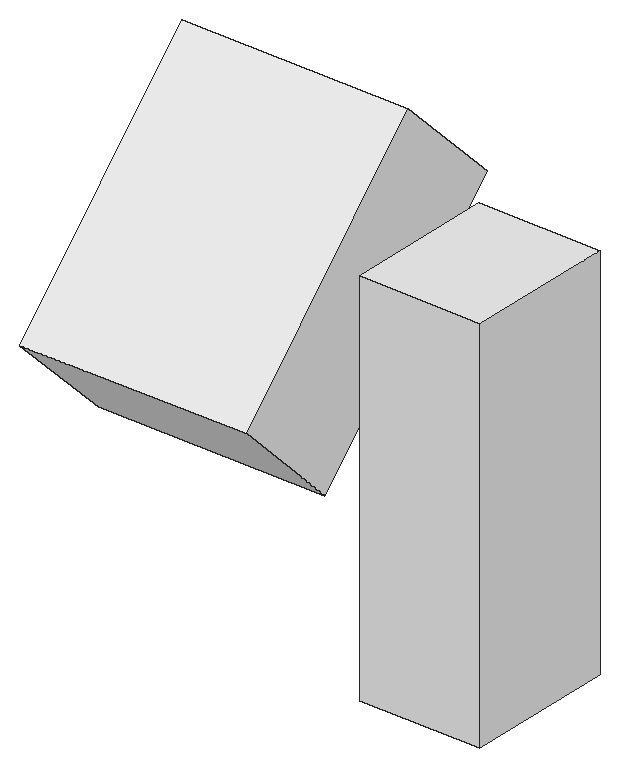
Revit family "Lighting-Accent-Amerlux-Contour Vertical 3x4", category Lighting Fixtures, host Face, Revit 2015
Parameters
  Voltage = 0 V
  Power Factor = 1
  Photometric Web File = ""
  Number of Poles = 1
  Material = Silver Finish
  Lamp = "LED"
  Input Wattage = ""
  Wattage = 26 W
  built-in parameter 1150110 = 1 (stored number, unit not read)
  URL = "http://www.amerlux.com"
  built-in parameter 1114217 = 1 (stored number, unit not read)
  Tilt Angle = 90.00°
  built-in parameter 1150109 = 1 (stored number, unit not read)
  built-in parameter 1150134 = 12
  built-in parameter 1150113 = 1 (stored number, unit not read)
  Model = "CNTRV34"
  Manufacturer = "Amerlux"
  built-in parameter 1150105 = 206.9 (stored number, unit not read)
  Lumens = 2600 lm
  built-in parameter 1150115 = 1 (stored number, unit not read)
  built-in parameter 1150137 = (empty or 0)
  built-in parameter 1150139 = (empty or 0)
  built-in parameter 1150112 = 1 (stored number, unit not read)
  built-in parameter 1150114 = 1 (stored number, unit not read)
  Keynote = ""
  built-in parameter 1150132 = (empty or 0)
  built-in parameter 1150102 = (empty or 0)
  built-in parameter 1150107 = 4000 (stored number, unit not read)
  built-in parameter 1150138 = (empty or 0)
  built-in parameter 1150106 = 2.069 (stored number, unit not read)
  Finish = ""
  Emit from Rectangle Width = 3"
  Emit from Rectangle Length = 4"
  Emit Shape Visible in Rendering = yes
  built-in parameter 1150104 = 9.2903 (stored number, unit not read)
  Dimming Lamp Color Temperature Shift = (empty or 0)
  Description = "Accent Lighting"
  Default Elevation = 48"
  Color Filter = 16777215
  built-in parameter 1114218 = 1 (stored number, unit not read)
  built-in parameter 1150133 = 10 (stored number, unit not read)
  Assembly Code = ""
  Apparent Load = 0 VA
Reference planes (in)
  plane 1 "Center (Front/Back)": y = 2.00423
  plane 2: z = 0
  plane 3 "Center (Left/Right)": x = 2.916
  plane 4: z = 6.3125
  plane 5: y = 3.00423
  plane 6: y = 1.00423
  plane 7: z = 7.25
Forms (in)
  Extrusion 1, solid, material "Silver Finish"
    sketch origin (0, 2.00423, 0) x (-1, 0, 0) y (0, 0, 1)
      loop
        line (-2.916, 6.3125) -> (-4.916, 6.3125) -> (-4.916, 0) -> (-2.916, 0) -> (-2.916, 6.3125)
    from -1.253 to 1.22125
  Revolve 2, solid, material "Silver Finish"
    sketch origin (0, 2.00423, 0.65625) x (-1, 0, 0) y (0, 0, 1)
      loop
        line (-2.54388, 5.3125) -> (-2.916, 5.3125) -> (-2.916, 5.0625) -> (-2.54388, 5.0625) -> (-2.54388, 5.3125)
      axis (-2.54388, 5.0625) -> (-2.916, 5.0625)
    angle from 0 to 360
Dimensions and locks (in)
  equal spacing: plane 5, plane 1 "Center (Front/Back)", plane 6
  locked: Extrusion 1 sketch curve to Extrusion 1 sketch curve at 2
  locked: Extrusion 1 sketch curve to Extrusion 1 sketch curve at 6.3125
  aligned and locked: plane 2 to host face
  aligned and locked: level to host face
  aligned: imposter light to plane 1 "Center (Front/Back)"
  aligned and locked: Extrusion 1 sketch curve to level
  aligned and locked: imposter light to nested 1
Automatic sketch dimensions
  host sketch curve to host sketch curve = 12.00498"
  host sketch curve to host sketch curve = 12.39607"
  plane 3 "Center (Left/Right)" to Extrusion 1 sketch curve = 0"
  plane 3 "Center (Left/Right)" to Revolve 2 sketch curve = 0"
  Revolve 2 sketch curve to Revolve 2 sketch curve = 0.37213"
  Revolve 2 sketch curve to plane 4 = 19/32"
  Revolve 2 sketch curve to Revolve 2 sketch curve = 1/4"
  Revolve 2 sketch curve to plane 3 "Center (Left/Right)" = 1.64144"
  Revolve 2 sketch curve to Revolve 2 sketch curve = 0.77229"
  Revolve 2 sketch curve to Revolve 2 sketch curve = 0"
Nested families (in)
  nested 1: "Track Head" at (1.77159, 1.37547, 5.51631) x (0, -0.7071, -0.7071) z (-1, 0, 0), type "Track Head"
Connectors (in)
  electrical at (3.916, 1.98836, 0), driven by "Number of Poles", driven by "Voltage", driven by "Apparent Load", driven by "Power Factor"
    settings: on Extrusion 1, index 1, voltage 0 V, apparent load 0 VA, apparent load phase1 0 VA, apparent load phase2 0 VA, apparent load phase3 0 VA, power factor 1, load classification "Other", number of poles 1, system type 31, power factor state 1, is connector primary yes, connector utility no, sub classification motor no, connector description "Power"
Definition of nested family "Track Head"
  Parameters (values of type "Track Head")
    Width = 3 3/4"
    Material = none
    Height = 4 3/4"
    Depth = 2 5/16"
    Default Elevation = 48"
    Assembly Code = ""
  Reference planes (in)
    plane 1 "Center (Front/Back)": y = 0
    plane 2: z = 0
    plane 3 "Center (Left/Right)": x = 0
    plane 4: y = 1.15625
    plane 5: y = -1.15625
  Forms (in)
    Extrusion 1, solid
      sketch origin (0, 0, 0) x (1, 0, 0) y (0, 1, 0)
        loop
          line (-48, 48) -> (-48, -48) -> (48, -48) -> (48, 48) -> (-48, 48)
      from 0 to -0.80444
    Extrusion 2, solid
      sketch origin (0, 0, 1.10938) x (1, 0, 0) y (0, 0, 1)
        loop
          line (2.375, 1.875) -> (-2.375, 1.875) -> (-2.375, -1.875) -> (2.375, -1.875) -> (2.375, 1.875)
      from -1.15625 to 1.15625
  Dimensions and locks (in)
    equal spacing: plane 4, plane 1 "Center (Front/Back)", plane 5
    "Depth": plane 4 to plane 5
    equal spacing: Extrusion 2 sketch curve, plane 3 "Center (Left/Right)", Extrusion 2 sketch curve
    equal spacing: Extrusion 2 sketch curve, Extrusion 1, Extrusion 2 sketch curve
    "Width": Extrusion 2 sketch curve to Extrusion 2 sketch curve
    "Height": Extrusion 2 sketch curve to Extrusion 2 sketch curve
    aligned and locked: plane 2 to Extrusion 1
    aligned and locked: level to Extrusion 1
    aligned and locked: Extrusion 2 to plane 4
    aligned and locked: plane 5 to Extrusion 2
  Automatic sketch dimensions
    Extrusion 1 sketch curve to Extrusion 1 sketch curve = 96"  (x2)
    Extrusion 2 sketch curve to level = 49/64"
